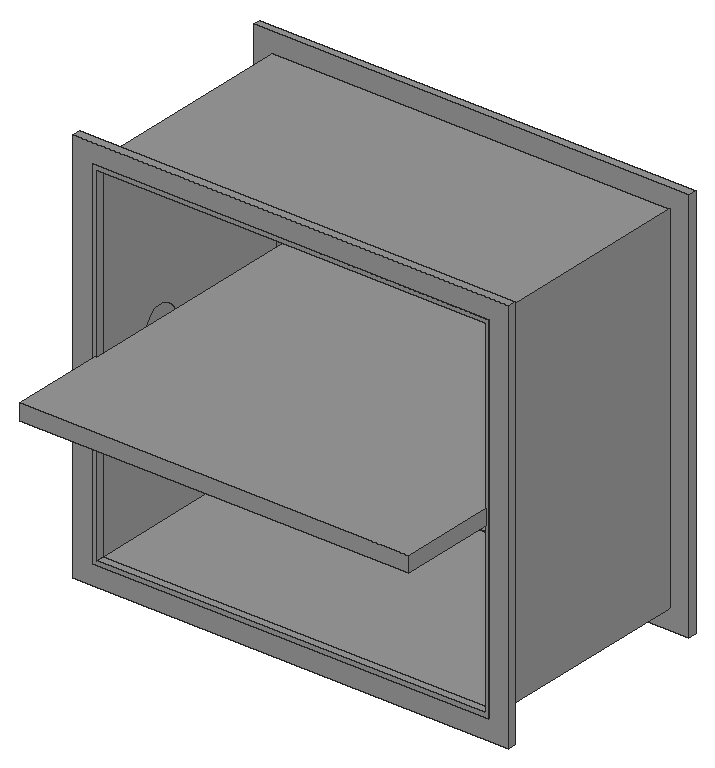
Revit family "Канальный прямоугольный SVK1-НО-ЕI60-MS220 28.08.25", category Арматура воздуховодов, Revit 2022
Family settings
  Размер круглого соединителя = Использовать диаметр
  Тип детали = Вставляется
  На основе рабочей плоскости = Нет
  Всегда вертикально = Нет
  При загрузке вырезать с полостями = Нет
  Общий = Да
Parameters (values of type "SVK1-НО-ЕI60-C-500x450-GO-H-MSR220-0-0")
  Ширина = 500 mm
  Число створок = 1
  Толщина заслонки = 20 mm  # constant formula
  Скорость воздуха в живом сечении = ADSK_Расход воздуха / Площадь живого сечения  # 3.93128 m/s
  Скорость в канале = ADSK_Расход воздуха / Высота / Ширина  # 3.0 m/s
  Площадь живого сечения = 0.1717 m²
  Привод внутри/снаружи [instance] = yes
  Привод 1 = Красный типовой
  Плотность воздуха = 1.2000 kg/m³  # constant formula
  Отметка по умолчанию = 0 mm
  Ось движка = 102.5 mm  # constant formula
  Материал = Сталь AISI 5210 517, горячекатаная
  КМС = 0.480
  З/2 = Высота / 2 / Число створок  # 225 mm
  Длина = 300 mm
  Высота привода = 123 mm  # constant formula
  Высота = 450 mm
  Вылет заслонки [instance] = yes
  Вылет Х = 103 mm  # constant formula
  Hed = Ширина + 123 mm  # 623 mm
  ADSK_Ток = 0.030 A  # constant formula
  ADSK_Расход воздуха = 2430.0 m³/h
  ADSK_Примечание [instance] = ""
  ADSK_Предел огнестойкости = "60"  # constant formula
  ADSK_Потеря давления воздуха = КМС * ((Скорость в канале * Скорость в канале * Плотность воздуха) / 2)  # 2.592 Pa
  ADSK_Полная мощность = ADSK_Напряжение * ADSK_Ток  # 6.6 VA
  ADSK_Позиция на схеме [instance] = ""
  ADSK_Позиция [instance] = ""
  ADSK_Обозначение = "SVK1-НО-ЕI60-C"
  ADSK_Номинальная мощность = 5 W  # constant formula
  ADSK_Номер стояка [instance] = ""
  ADSK_Напряжение = 220 V  # constant formula
  ADSK_Наименование краткое = "SVK1-НО-ЕI60-C-500x450"
  ADSK_Наименование = "SVK1-НО-ЕI60-C-500x450-GO-H-MSR220-0-0"
  ADSK_Материал обозначение = "Противопожарный нормально закрытый канальный клапан прямоугольного сечения"  # constant formula
  ADSK_Материал наименование = ""
  ADSK_Масса_Текст = "1"
  ADSK_Масса = 0
  ADSK_Марка = "SVK1-НО-ЕI60-C"  # constant formula
  ADSK_Коэффициент мощности = 1
  ADSK_Количество фаз числовое = 1  # constant formula
  ADSK_Количество фаз = 1  # constant formula
  ADSK_Количество = 1  # constant formula
  ADSK_Код изделия = "SVK1-НО-ЕI60-C"  # constant formula
  ADSK_Классификация нагрузок = ОВК
  ADSK_Завод-изготовитель = "WAER"  # constant formula
  ADSK_Единица измерения = "шт."  # constant formula
  ADSK_URL страницы изделия = ""
  ADSK_URL документации изделия = ""
Reference planes
  plane 1 "По центру (Вперед/Назад)": y = 0
  plane 2: z = 0
  plane 3 "По центру (Влево/Вправо)": x = 0
  plane 4: x = -250
  plane 5: y = -150
  plane 6: x = 250
  plane 7: y = 150
  plane 8: z = 225
  plane 9: z = -225
  plane 10: x = -280
  plane 11: x = 280
  plane 12: z = 255
  plane 13: z = -255
  plane 14: y = 140
  plane 15: y = -140
  plane 16: x = -255
  plane 17: z = -230
  plane 18: x = 255
  plane 19: z = 230
  plane 20 "Заслонка Х": y = -272.5
  plane 21: y = -47.5
  plane 22 "Заслонка Х1": y = 177.5
  plane 23: x = -343
  plane 24: x = -294
  plane 25: z = 10
  plane 26: z = -10
Forms (mm)
  Extrusion 1, solid, material "Сталь AISI 5210 517, горячекатаная" <- "Материал", detail levels medium+fine
    sketch origin (0, 0, 0) x (1, 0, 0) y (0, 0, 1)
      loop
        line (-250, 225) -> (-250, -225) -> (250, -225) -> (250, 225) -> (-250, 225)
      loop
        line (-255, 230) -> (-255, -230) -> (255, -230) -> (255, 230) -> (-255, 230)
    from -150 to 150
  Extrusion 2, solid, material "Сталь AISI 5210 517, горячекатаная" <- "Материал", detail levels fine
    sketch origin (0, 0, 0) x (1, 0, 0) y (0, 0, 1)
      loop
        line (-280, 255) -> (-280, -255) -> (280, -255) -> (280, 255) -> (-280, 255)
      loop
        line (-250, 225) -> (-250, -225) -> (250, -225) -> (250, 225) -> (-250, 225)
    from 140 to 150
  Extrusion 3, solid, material "Сталь AISI 5210 517, горячекатаная" <- "Материал", detail levels fine
    sketch origin (0, 0, 0) x (1, 0, 0) y (0, 0, 1)
      loop
        line (-280, 255) -> (-280, -255) -> (280, -255) -> (280, 255) -> (-280, 255)
      loop
        line (-250, 225) -> (-250, -225) -> (250, -225) -> (250, 225) -> (-250, 225)
    from -150 to -140
  Extrusion 4, solid, material "Сталь AISI 5210 517, горячекатаная" <- "Материал", visible <- "Вылет заслонки", detail levels medium+fine
    sketch origin (0, 0, 0) x (1, 0, 0) y (0, 0, 1)
      loop
        line (-250, 10) -> (-250, -10) -> (250, -10) -> (250, 10) -> (-250, 10)
    from -177.5 to 272.5
  Extrusion 5, solid, material "Сталь AISI 5210 517, горячекатаная" <- "Материал", visible <- "Привод внутри/снаружи", detail levels medium+fine
    sketch origin (0, 0, 0) x (0, 1, 0) y (0, 0, 1)
      loop
        circle (-47.5, 0) r 25
    from -250 to -294
Dimensions and locks
  equal spacing: plane 4, plane 3 "По центру (Влево/Вправо)", plane 6
  equal spacing: plane 7, plane 1 "По центру (Вперед/Назад)", plane 5
  "Длина": plane 7 to plane 5
  equal spacing: plane 8, level, plane 9
  "Высота": plane 8 to plane 9
  "Ширина": plane 6 to plane 4
  equal spacing: plane 11, plane 3 "По центру (Влево/Вправо)", plane 10
  plane 11 to plane 6 = 30 mm
  equal spacing: plane 12, level, plane 13
  plane 12 to plane 8 = 30 mm
  equal spacing: plane 14, plane 1 "По центру (Вперед/Назад)", plane 15
  plane 15 to plane 5 = 10 mm
  plane 19 to plane 8 = 5 mm
  plane 9 to plane 17 = 5 mm
  plane 4 to plane 16 = 5 mm
  plane 18 to plane 6 = 5 mm
  "Ось движка": plane 21 to plane 5
  equal spacing: plane 22 "Заслонка Х1", plane 21, plane 20 "Заслонка Х"
  "З/2": plane 21 to plane 20 "Заслонка Х"
  "Hed": plane 11 to plane 23
  plane 24 to plane 23 = 49 mm
  equal spacing: plane 25, level, plane 26
  "Толщина заслонки": plane 25 to plane 26
  locked: plane 24 to nested 2
  plane 22 "Заслонка Х1" to plane 7 = 27.5 mm
  plane 5 to plane 20 "Заслонка Х" = 122.5 mm
  aligned and locked: level to plane 2
  aligned and locked: Extrusion 1 sketch curve to plane 8
  aligned and locked: plane 4 to Extrusion 1 sketch curve
  aligned and locked: plane 9 to Extrusion 1 sketch curve
  aligned and locked: Extrusion 1 sketch curve to plane 6
  aligned and locked: plane 7 to Extrusion 1
  aligned and locked: Extrusion 1 to plane 5
  aligned and locked: Extrusion 2 sketch curve to plane 12
  aligned and locked: plane 10 to Extrusion 2 sketch curve
  aligned and locked: plane 13 to Extrusion 2 sketch curve
  aligned and locked: Extrusion 2 sketch curve to plane 11
  aligned and locked: Extrusion 2 to plane 5
  aligned and locked: plane 15 to Extrusion 2
  aligned and locked: Extrusion 3 sketch curve to plane 11
  aligned and locked: plane 13 to Extrusion 3 sketch curve
  aligned and locked: plane 10 to Extrusion 3 sketch curve
  aligned and locked: Extrusion 3 sketch curve to plane 12
  aligned and locked: plane 7 to Extrusion 3
  aligned and locked: Extrusion 3 to plane 14
  aligned and locked: plane 4 to Extrusion 2 sketch curve
  aligned and locked: Extrusion 2 sketch curve to plane 8
  aligned and locked: Extrusion 2 sketch curve to plane 6
  aligned and locked: plane 9 to Extrusion 2 sketch curve
  aligned and locked: plane 19 to Extrusion 1 sketch curve
  aligned and locked: plane 17 to Extrusion 1 sketch curve
  aligned and locked: plane 16 to Extrusion 1 sketch curve
  aligned and locked: Extrusion 1 sketch curve to plane 18
  aligned and locked: Extrusion 3 sketch curve to plane 8
  aligned and locked: plane 4 to Extrusion 3 sketch curve
  aligned and locked: plane 9 to Extrusion 3 sketch curve
  aligned and locked: Extrusion 3 sketch curve to plane 6
  aligned and locked: plane 3 "По центру (Влево/Вправо)" to nested 1
  aligned and locked: plane 1 "По центру (Вперед/Назад)" to nested 1
  aligned and locked: Extrusion 4 to plane 20 "Заслонка Х"
  aligned and locked: plane 22 "Заслонка Х1" to Extrusion 4
  aligned and locked: plane 4 to Extrusion 4 sketch curve
  aligned and locked: Extrusion 4 sketch curve to plane 6
  aligned and locked: Extrusion 4 sketch curve to plane 25
  aligned and locked: plane 26 to Extrusion 4 sketch curve
  aligned and locked: plane 21 to Extrusion 5 sketch curve
  aligned and locked: level to Extrusion 5 sketch curve
  aligned and locked: Extrusion 5 to plane 24
  aligned and locked: plane 4 to Extrusion 5
  aligned and locked: plane 21 to nested 2
Automatic sketch dimensions
  radius of Extrusion 5 sketch curve = 25 mm
Nested families
  nested 1: "УГО Дымовой и противопожарный клапан" at (0, 0, 0), type "УГО Дымовой и противопожарный клапан", detail levels coarse
  nested 2: "Электропривод_верт_90" at (-354, -47.5, 0) x (0, 1, 0) z (0, 0, 1), visible <- "Привод внутри/снаружи", type "MS220", detail levels medium+fine
    with ADSK_Примечание "", ADSK_Позиция ""
Connectors
  hvac at (0, -150, 0), driven by "Высота", driven by "Ширина", driven by "ADSK_Расход воздуха", driven by "ADSK_Потеря давления воздуха"
    settings: on Extrusion 1, index 1, duct flow 2430.0 m³/h, flow factor 0, pres drop 2.592 Pa, loss coef 0, conn angle 0.00°, conn width 500 mm, conn height 450 mm, conn diameter 609.6 mm, duct sys type 29, conn prof type 1, flow config 0, flow direction 0, loss method 4, conn ref index 2, conn util no, is conn primary yes, conn desc ""
  hvac at (0, 150, 0), driven by "Высота", driven by "Ширина", driven by "ADSK_Расход воздуха", driven by "ADSK_Потеря давления воздуха"
    settings: on Extrusion 1, index 2, duct flow 2430.0 m³/h, flow factor 0, pres drop 2.592 Pa, loss coef 0, conn angle 0.00°, conn width 500 mm, conn height 450 mm, conn diameter 609.6 mm, duct sys type 29, conn prof type 1, flow config 0, flow direction 0, loss method 4, conn ref index 1, conn util no, is conn primary no, conn desc ""
  electrical at (-324, 115.058, -24.076)
    settings: on nested 2, index 3, voltage 0 V, apparent load 0 VA, apparent load phase1 0 VA, apparent load phase2 0 VA, apparent load phase3 0 VA, power factor 1, load classification "Прочее", number of poles 1, system type 13, power factor state 1, is connector primary yes, connector utility no, sub classification motor no, connector description ""
Definition of nested family "Электропривод_верт_90"
  Parameters (values of type "BFL230")
    Ширина центра = 50 mm
    Соединение = "1 м, 2 × 0,75 мм2"
    Default Elevation = 0 mm
    Description = "с пружинным возвратом/конденсатором"  # constant formula
    Межосевое подключение = 48 mm
    Корпус_x = none
    Клеммы = none
    Звездочка = Высота + 1 mm  # 49 mm
    Длина корпуса = 160 mm
    ГШ = 80 mm
    Высота = 48 mm
    Выс подкл = Высота - 18 mm  # 30 mm
    ADSK_Ток = 4.000 A
    ADSK_Примечание [instance] = ""
    ADSK_Предел огнестойкости = ""
    ADSK_Полная мощность = 6.5 VA
    ADSK_Позиция [instance] = ""
    ADSK_Обозначение = ""
    ADSK_Номинальная мощность = 3 W
    ADSK_Напряжение = 230 V
    ADSK_Наименование краткое = ""
    ADSK_Наименование = ""
    ADSK_Материал обозначение = ""
    ADSK_Материал наименование = ""
    ADSK_Масса_Текст = "1,1 кг"
    ADSK_Масса = 1.1  # constant formula
    ADSK_Марка = "BFL24"  # constant formula
    ADSK_Коэффициент мощности = 1
    ADSK_Количество фаз числовое = 1
    ADSK_Количество фаз = 1
    ADSK_Количество = 1  # constant formula
    ADSK_Код изделия = "BFL24"  # constant formula
    ADSK_Классификация нагрузок = none
    ADSK_Завод-изготовитель = "BELIMO"  # constant formula
    ADSK_Единица измерения = "шт."  # constant formula
    ADSK_URL страницы изделия = ""
    ADSK_URL документации изделия = ""
  Types (2, lengths in mm): name | ADSK_Ток | ADSK_Полная мощность | ADSK_Номинальная мощность | ADSK_Напряжение
    BFL230 | 4.000 A | 6.5 VA | 3 W | 230 V
    BFL24 | 8.300 A | 4 VA | 2.5 W | 24 V
  Reference planes
    plane 1 "По центру (Вперед/Назад)": y = 0
    plane 2: z = 0
    plane 3 "По центру (Влево/Вправо)": x = 0
    plane 4: x = -22.439
    plane 5: x = 137.561
    plane 6: z = -40.076
    plane 7: z = 39.924
    plane 8: z = -25.076
    plane 9: z = 24.924
    plane 10: x = 112.561
    plane 11: z = -40.076
    plane 12: z = 39.924
    plane 13: x = 142.561
    plane 14: y = -48
    plane 15: x = -24
    plane 16: x = 24
    plane 17: x = 212.561
    plane 18: x = 157.561
    plane 19: x = 177.561
    plane 20: x = 212.561
    plane 21: x = 157.561
    plane 22: x = 177.561
    plane 23: y = -30
  Forms (mm)
    Extrusion 1, solid, material <- "Корпус_x", detail levels medium+fine
      sketch origin (-0.439, -60, -0.076) x (0, 0, 1) y (1, 0, 0)
        loop
          line (-25, -22) -> (25, -22) -> (40, -13.34) -> (40, 113) -> (10, 113) -> (10, 138) -> (-10, 138) -> (-10, 113) -> (-40, 113) -> (-40, -13.34) -> (-25, -22)
      from 0 to 48 <- "Высота"
    Extrusion 2, solid, material <- "Клеммы", detail levels medium+fine
      sketch origin (-0.439, -60, -0.076) x (0, 0, 1) y (1, 0, 0)
        loop
          line (-40, 143) -> (-40, 113) -> (-10, 113) -> (-10, 143) -> (-40, 143)
        loop
          line (10, 143) -> (10, 113) -> (40, 113) -> (40, 143) -> (10, 143)
      from 12 to 48
    Extrusion 3, solid, material <- "Клеммы", detail levels fine
      sketch origin (-0.439, -60, -0.076) x (0, 0, 1) y (1, 0, 0)
        loop
          circle (0, 0) r 20
        loop
          circle (0, 0) r 15
        loop
          line (10.43, -6.022) -> (10.43, 6.022) -> (0, 12.043) -> (-10.43, 6.022) -> (-10.43, -6.022) -> (0, -12.043) -> (10.43, -6.022)
      from 48 <- "Высота" to 49 <- "Звездочка"
    Revolve 4, solid, material <- "Клеммы", detail levels fine
      sketch origin (-1524.439, -30, -101.97) x (0, 0, -1) y (-1, 0, 0)
        loop
          line (-77.895, -1667) -> (-77.895, -1737) -> (-74.82, -1737) -> (-74.82, -1702) -> (-72.813, -1699.633) -> (-72.813, -1697.089) -> (-74.82, -1697.089) -> (-74.82, -1694.582) -> (-72.813, -1694.582) -> (-72.813, -1692.082) -> (-74.82, -1692.082) -> (-74.82, -1689.54) -> (-72.813, -1689.54) -> (-72.813, -1686.997) -> (-74.82, -1686.997) -> (-74.82, -1684.455) -> (-72.813, -1684.455) -> (-72.813, -1682) -> (-70.754, -1669.002)
          arc (-70.754, -1669.002) -> (-69.64, -1667.55) -> (-67.895, -1667) r 3.043
          line (-67.895, -1667) -> (-77.895, -1667)
        axis (-77.895, -1737) -> (-77.895, -1667)
      angle from 0 to 360
    Revolve 5, solid, material <- "Клеммы", detail levels fine
      sketch origin (-1524.439, -30, -101.97) x (0, 0, -1) y (-1, 0, 0)
        loop
          line (-125.895, -1667) -> (-125.895, -1737) -> (-122.82, -1737) -> (-122.82, -1702) -> (-120.813, -1699.633) -> (-120.813, -1697.089) -> (-122.82, -1697.089) -> (-122.82, -1694.582) -> (-120.813, -1694.582) -> (-120.813, -1692.082) -> (-122.82, -1692.082) -> (-122.82, -1689.54) -> (-120.813, -1689.54) -> (-120.813, -1686.997) -> (-122.82, -1686.997) -> (-122.82, -1684.455) -> (-120.813, -1684.455) -> (-120.813, -1682) -> (-118.754, -1669.002)
          arc (-118.754, -1669.002) -> (-117.64, -1667.55) -> (-115.895, -1667) r 3.043
          line (-115.895, -1667) -> (-125.895, -1667)
        axis (-125.895, -1737) -> (-125.895, -1667)
      angle from 0 to 360
  Dimensions and locks
    "Длина корпуса": plane 5 to plane 4
    plane 6 to plane 7 = 80 mm
    "ГШ": plane 6 to plane 7
    plane 8 to plane 9 = 50 mm
    "Ширина центра": plane 8 to plane 9
    plane 5 to plane 10 = 25 mm
    plane 13 to Extrusion 1 = 30 mm
    plane 11 to plane 12 = 80 mm
    "ГШ": plane 11 to plane 12
    Extrusion 1 to plane 14 = 36 mm
    equal spacing: plane 15, plane 3 "По центру (Влево/Вправо)", plane 16
    "Межосевое подключение": plane 15 to plane 16
    plane 17 to Extrusion 2 = 70 mm
    Extrusion 1 to plane 18 = 180 mm
    plane 17 to plane 19 = 35 mm
    plane 20 to plane 22 = 35 mm
    "Выс подкл": plane 1 "По центру (Вперед/Назад)" to plane 23
    angle plane 4 to Extrusion 1 sketch curve = 30.00°
    angle Extrusion 1 sketch curve to plane 4 = 30.00°
    aligned and locked: level to plane 2
    aligned and locked: Extrusion 1 sketch curve to plane 4
    aligned and locked: plane 7 to Extrusion 1 sketch curve  (x2)
    aligned and locked: plane 6 to Extrusion 1 sketch curve  (x2)
    aligned and locked: Extrusion 1 sketch curve to plane 10
    aligned and locked: plane 10 to Extrusion 1 sketch curve  (x3)
    aligned and locked: plane 5 to Extrusion 1 sketch curve  (x2)
    aligned and locked: Extrusion 2 sketch curve to plane 13  (x2)
    aligned and locked: plane 11 to Extrusion 2 sketch curve
    aligned and locked: Extrusion 2 sketch curve to Extrusion 1  (x2)
    aligned and locked: Extrusion 2 sketch curve to plane 12
    aligned and locked: Extrusion 2 to plane 14
    aligned and locked: Extrusion 1 to Extrusion 2
    aligned and locked: Extrusion 2 to Revolve 4 sketch curve
    aligned and locked: Revolve 4 sketch curve to plane 17
    aligned and locked: plane 19 to Revolve 4 sketch curve
    aligned and locked: plane 18 to Revolve 4 sketch curve
    aligned and locked: Revolve 5 sketch curve to plane 20
    aligned and locked: plane 22 to Revolve 5 sketch curve
    aligned and locked: plane 21 to Revolve 5 sketch curve
  Automatic sketch dimensions
    Extrusion 3 sketch curve to Extrusion 3 sketch curve = 0 mm  (x2)
    Extrusion 3 sketch curve to level = 10.505 mm
    Extrusion 3 sketch curve to level = 0.076 mm  (x3)
    level to Extrusion 3 sketch curve = 10.354 mm
    plane 15 to Extrusion 3 sketch curve = 11.518 mm
    Extrusion 3 sketch curve to Extrusion 3 sketch curve = 6.022 mm  (x5)
    Extrusion 3 sketch curve to Extrusion 3 sketch curve = 12.043 mm
    Revolve 4 sketch curve to level = 24.076 mm  (x2)
    Revolve 4 sketch curve to Revolve 4 sketch curve = 3.075 mm
    plane 18 to Revolve 4 sketch curve = 2.455 mm
    Revolve 4 sketch curve to Revolve 4 sketch curve = 0 mm  (x3)
    plane 15 to Revolve 4 sketch curve = 189.101 mm
    Revolve 4 sketch curve to Revolve 4 sketch curve = 2.007 mm  (x4)
    Revolve 4 sketch curve to plane 18 = 12.998 mm
    Revolve 4 sketch curve to Revolve 4 sketch curve = 7.141 mm
    Revolve 4 sketch curve to Revolve 4 sketch curve = 2.859 mm
    Revolve 4 sketch curve to plane 19 = 2.367 mm
    Revolve 4 sketch curve to Revolve 4 sketch curve = 2.544 mm
    Revolve 4 sketch curve to Revolve 4 sketch curve = 2.507 mm
    Revolve 4 sketch curve to Revolve 4 sketch curve = 2.5 mm
    plane 15 to Revolve 4 sketch curve = 186.558 mm
    plane 16 to Revolve 4 sketch curve = 198.683 mm
    Revolve 4 sketch curve to Revolve 4 sketch curve = 41.798 mm
    Revolve 5 sketch curve to plane 21 = 15 mm
    level to Revolve 5 sketch curve = 23.924 mm  (x2)
    Revolve 5 sketch curve to Revolve 5 sketch curve = 3.075 mm
    plane 21 to Revolve 5 sketch curve = 2.455 mm
    Revolve 5 sketch curve to Revolve 5 sketch curve = 0 mm  (x3)
    plane 15 to Revolve 5 sketch curve = 189.101 mm
    Revolve 5 sketch curve to Revolve 5 sketch curve = 2.007 mm  (x4)
    Revolve 5 sketch curve to Revolve 5 sketch curve = 7.141 mm
    Revolve 5 sketch curve to Revolve 5 sketch curve = 2.859 mm
    Revolve 5 sketch curve to plane 22 = 2.367 mm
    Revolve 5 sketch curve to Revolve 5 sketch curve = 2.544 mm
    Revolve 5 sketch curve to Revolve 5 sketch curve = 2.507 mm
    Revolve 5 sketch curve to Revolve 5 sketch curve = 2.5 mm
    plane 15 to Revolve 5 sketch curve = 186.558 mm
    Revolve 5 sketch curve to Revolve 5 sketch curve = 3.043 mm
    plane 16 to Revolve 5 sketch curve = 198.683 mm
    Revolve 5 sketch curve to Revolve 5 sketch curve = 41.798 mm
    Extrusion 1 sketch curve to plane 8 = 0 mm
    Extrusion 1 sketch curve to plane 9 = 0 mm
    Extrusion 1 sketch curve to level = 10.076 mm
    level to Extrusion 1 sketch curve = 9.924 mm
    Extrusion 2 sketch curve to level = 10.076 mm
    level to Extrusion 2 sketch curve = 9.924 mm
    radius of Extrusion 3 sketch curve = 20 mm
    radius of Extrusion 3 sketch curve = 15 mm
Definition of nested family "УГО Дымовой и противопожарный клапан"
  Parameters (values of type "УГО Дымовой и противопожарный клапан")
    Ширина = 1100 mm
    Угол = atan(Высота / Ширина)  # 8.53077°
    Рад = Д / 2  # 20.625 mm
    Отступ2 = Рад / cos(Угол)  # 20.856 mm
    Отступ1 = Рад / sin(Угол)  # 139.038 mm
    Default Elevation = 0 mm
    Д = Высота * 0.25  # 41.25 mm
    Высота = 165 mm
  Reference planes
    plane 1 "По центру (Вперед/Назад)": y = 0
    plane 2: z = 0
    plane 3 "По центру (Влево/Вправо)": x = 0
    plane 4: x = -550
    plane 5: y = -82.5
    plane 6: x = 550
    plane 7: y = 82.5
    plane 8: x = 410.962
    plane 9: x = -410.962
    plane 10: y = 61.644
    plane 11: y = -61.644
  Lines and regions (mm)
    model lines
      curve 1: line (-550, 82.5, 0) -> (550, 82.5, 0)
      curve 2: line (-550, -82.5, 0) -> (-550, 82.5, 0)
      curve 3: line (550, -82.5, 0) -> (-550, -82.5, 0)
      curve 4: line (550, 82.5, 0) -> (550, -82.5, 0)
      curve 5: circle (0, 0, 0) r 20.625 normal (0, 0, 1)
      curve 6: line (-550, 82.5, 0) -> (550, -82.5, 0)
      curve 7: line (410.962, -82.5, 0) -> (-550, 61.644, 0)
      curve 8: line (550, -61.644, 0) -> (-410.962, 82.5, 0)
  Dimensions and locks
    equal spacing: plane 7, plane 1 "По центру (Вперед/Назад)", plane 5
    equal spacing: plane 4, plane 3 "По центру (Влево/Вправо)", plane 6
    "Ширина": plane 4 to plane 6
    "Высота": plane 7 to plane 5
    "Отступ1": plane 8 to plane 6
    "Отступ2": plane 7 to plane 10
    "Отступ2": plane 11 to plane 5
    "Отступ1": plane 4 to plane 9
    "Д": diameter of curve 5
    aligned and locked: level to plane 2
    aligned and locked: curve 1 to plane 7
    aligned and locked: plane 4 to curve 2
    aligned and locked: plane 5 to curve 3
    aligned and locked: curve 4 to plane 6
    aligned and locked: plane 3 "По центру (Влево/Вправо)" to curve 5
    aligned and locked: plane 1 "По центру (Вперед/Назад)" to curve 5
  Automatic sketch dimensions
    curve 8 to plane 9 = 0 mm
    curve 7 to plane 8 = 0 mm
    curve 8 to plane 11 = 0 mm
    curve 7 to plane 10 = 0 mm
Types (140, lengths in mm): name | Ширина | Число створок | Скорость воздуха в живом сечении | Скорость в канале | Площадь живого сечения | КМС | З/2 | Высота | Hed | ADSK_Расход воздуха | ADSK_Потеря давления воздуха | ADSK_Наименование краткое | ADSK_Наименование
  SVK1-НО-ЕI60-C-100x100-GO-H-MSR220-0-0 | 100 | 1 | 15.0 m/s | 3.0 m/s | 0.002 m² | 9.030 | 50 | 100 | 223 | 108.0 m³/h | 48.762 Pa | "SVK1-НО-ЕI60-C-100x100" | "SVK1-НО-ЕI60-C-100x100-GO-H-MSR220-0-0"
  SVK1-НО-ЕI60-C-150x100-GO-H-MSR220-0-0 | 150 | 1 | 15.0 m/s | 3.0 m/s | 0.003 m² | 6.870 | 50 | 100 | 273 | 162.0 m³/h | 37.098 Pa | "SVK1-НО-ЕI60-C-150x100" | "SVK1-НО-ЕI60-C-150x100-GO-H-MSR220-0-0"
  SVK1-НО-ЕI60-C-150x150-GO-H-MSR220-0-0 | 150 | 1 | 6.42857 m/s | 3.0 m/s | 0.0105 m² | 2.680 | 75 | 150 | 273 | 243.0 m³/h | 14.472 Pa | "SVK1-НО-ЕI60-C-150x150" | "SVK1-НО-ЕI60-C-150x150-GO-H-MSR220-0-0"
  SVK1-НО-ЕI60-C-200x100-GO-H-MSR220-0-0 | 200 | 1 | 15.0 m/s | 3.0 m/s | 0.004 m² | 6.120 | 50 | 100 | 323 | 216.0 m³/h | 33.048 Pa | "SVK1-НО-ЕI60-C-200x100" | "SVK1-НО-ЕI60-C-200x100-GO-H-MSR220-0-0"
  SVK1-НО-ЕI60-C-200x150-GO-H-MSR220-0-0 | 200 | 1 | 6.42857 m/s | 3.0 m/s | 0.014 m² | 2.370 | 75 | 150 | 323 | 324.0 m³/h | 12.798 Pa | "SVK1-НО-ЕI60-C-200x150" | "SVK1-НО-ЕI60-C-200x150-GO-H-MSR220-0-0"
  SVK1-НО-ЕI60-C-200x200-GO-H-MSR220-0-0 | 200 | 1 | 6.41711 m/s | 3.0 m/s | 0.0187 m² | 1.580 | 100 | 200 | 323 | 432.0 m³/h | 8.532 Pa | "SVK1-НО-ЕI60-C-200x200" | "SVK1-НО-ЕI60-C-200x200-GO-H-MSR220-0-0"
  SVK1-НО-ЕI60-C-250x100-GO-H-MSR220-0-0 | 250 | 1 | 15.0 m/s | 3.0 m/s | 0.005 m² | 5.660 | 50 | 100 | 373 | 270.0 m³/h | 30.564 Pa | "SVK1-НО-ЕI60-C-250x100" | "SVK1-НО-ЕI60-C-250x100-GO-H-MSR220-0-0"
  SVK1-НО-ЕI60-C-250x150-GO-H-MSR220-0-0 | 250 | 1 | 6.42857 m/s | 3.0 m/s | 0.0175 m² | 2.120 | 75 | 150 | 373 | 405.0 m³/h | 11.448 Pa | "SVK1-НО-ЕI60-C-250x150" | "SVK1-НО-ЕI60-C-250x150-GO-H-MSR220-0-0"
  SVK1-НО-ЕI60-C-250x200-GO-H-MSR220-0-0 | 250 | 1 | 6.07287 m/s | 3.0 m/s | 0.0247 m² | 1.410 | 100 | 200 | 373 | 540.0 m³/h | 7.614 Pa | "SVK1-НО-ЕI60-C-250x200" | "SVK1-НО-ЕI60-C-250x200-GO-H-MSR220-0-0"
  SVK1-НО-ЕI60-C-250x250-GO-H-MSR220-0-0 | 250 | 1 | 5.26685 m/s | 3.0 m/s | 0.0356 m² | 1.470 | 125 | 250 | 373 | 675.0 m³/h | 7.938 Pa | "SVK1-НО-ЕI60-C-250x250" | "SVK1-НО-ЕI60-C-250x250-GO-H-MSR220-0-0"
  SVK1-НО-ЕI60-C-300x100-GO-H-MSR220-0-0 | 300 | 1 | 15.0 m/s | 3.0 m/s | 0.006 m² | 5.290 | 50 | 100 | 423 | 324.0 m³/h | 28.566 Pa | "SVK1-НО-ЕI60-C-300x100" | "SVK1-НО-ЕI60-C-300x100-GO-H-MSR220-0-0"
  SVK1-НО-ЕI60-C-300x150-GO-H-MSR220-0-0 | 300 | 1 | 6.42857 m/s | 3.0 m/s | 0.021 m² | 2.060 | 75 | 150 | 423 | 486.0 m³/h | 11.124 Pa | "SVK1-НО-ЕI60-C-300x150" | "SVK1-НО-ЕI60-C-300x150-GO-H-MSR220-0-0"
  SVK1-НО-ЕI60-C-300x200-GO-H-MSR220-0-0 | 300 | 1 | 5.86319 m/s | 3.0 m/s | 0.0307 m² | 1.170 | 100 | 200 | 423 | 648.0 m³/h | 6.318 Pa | "SVK1-НО-ЕI60-C-300x200" | "SVK1-НО-ЕI60-C-300x200-GO-H-MSR220-0-0"
  SVK1-НО-ЕI60-C-300x250-GO-H-MSR220-0-0 | 300 | 1 | 5.10204 m/s | 3.0 m/s | 0.0441 m² | 1.270 | 125 | 250 | 423 | 810.0 m³/h | 6.858 Pa | "SVK1-НО-ЕI60-C-300x250" | "SVK1-НО-ЕI60-C-300x250-GO-H-MSR220-0-0"
  SVK1-НО-ЕI60-C-300x300-GO-H-MSR220-0-0 | 300 | 1 | 4.69565 m/s | 3.0 m/s | 0.0575 m² | 0.930 | 150 | 300 | 423 | 972.0 m³/h | 5.022 Pa | "SVK1-НО-ЕI60-C-300x300" | "SVK1-НО-ЕI60-C-300x300-GO-H-MSR220-0-0"
  SVK1-НО-ЕI60-C-350x150-GO-H-MSR220-0-0 | 350 | 1 | 6.42857 m/s | 3.0 m/s | 0.0245 m² | 1.850 | 75 | 150 | 473 | 567.0 m³/h | 9.99 Pa | "SVK1-НО-ЕI60-C-350x150" | "SVK1-НО-ЕI60-C-350x150-GO-H-MSR220-0-0"
  SVK1-НО-ЕI60-C-350x200-GO-H-MSR220-0-0 | 350 | 1 | 5.72207 m/s | 3.0 m/s | 0.0367 m² | 1.180 | 100 | 200 | 473 | 756.0 m³/h | 6.372 Pa | "SVK1-НО-ЕI60-C-350x200" | "SVK1-НО-ЕI60-C-350x200-GO-H-MSR220-0-0"
  SVK1-НО-ЕI60-C-350x250-GO-H-MSR220-0-0 | 350 | 1 | 4.99049 m/s | 3.0 m/s | 0.0526 m² | 1.290 | 125 | 250 | 473 | 945.0 m³/h | 6.966 Pa | "SVK1-НО-ЕI60-C-350x250" | "SVK1-НО-ЕI60-C-350x250-GO-H-MSR220-0-0"
  SVK1-НО-ЕI60-C-350x300-GO-H-MSR220-0-0 | 350 | 1 | 4.59854 m/s | 3.0 m/s | 0.0685 m² | 0.870 | 150 | 300 | 473 | 1134.0 m³/h | 4.698 Pa | "SVK1-НО-ЕI60-C-350x300" | "SVK1-НО-ЕI60-C-350x300-GO-H-MSR220-0-0"
  SVK1-НО-ЕI60-C-350x350-GO-H-MSR220-0-0 | 350 | 1 | 4.15724 m/s | 3.0 m/s | 0.0884 m² | 0.790 | 175 | 350 | 473 | 1323.0 m³/h | 4.266 Pa | "SVK1-НО-ЕI60-C-350x350" | "SVK1-НО-ЕI60-C-350x350-GO-H-MSR220-0-0"
  SVK1-НО-ЕI60-C-400x150-GO-H-MSR220-0-0 | 400 | 1 | 6.42857 m/s | 3.0 m/s | 0.028 m² | 1.960 | 75 | 150 | 523 | 648.0 m³/h | 10.584 Pa | "SVK1-НО-ЕI60-C-400x150" | "SVK1-НО-ЕI60-C-400x150-GO-H-MSR220-0-0"
  SVK1-НО-ЕI60-C-400x200-GO-H-MSR220-0-0 | 400 | 1 | 5.62061 m/s | 3.0 m/s | 0.0427 m² | 1.150 | 100 | 200 | 523 | 864.0 m³/h | 6.21 Pa | "SVK1-НО-ЕI60-C-400x200" | "SVK1-НО-ЕI60-C-400x200-GO-H-MSR220-0-0"
  SVK1-НО-ЕI60-C-400x250-GO-H-MSR220-0-0 | 400 | 1 | 4.90998 m/s | 3.0 m/s | 0.0611 m² | 1.090 | 125 | 250 | 523 | 1080.0 m³/h | 5.886 Pa | "SVK1-НО-ЕI60-C-400x250" | "SVK1-НО-ЕI60-C-400x250-GO-H-MSR220-0-0"
  SVK1-НО-ЕI60-C-400x300-GO-H-MSR220-0-0 | 400 | 1 | 4.5283 m/s | 3.0 m/s | 0.0795 m² | 0.880 | 150 | 300 | 523 | 1296.0 m³/h | 4.752 Pa | "SVK1-НО-ЕI60-C-400x300" | "SVK1-НО-ЕI60-C-400x300-GO-H-MSR220-0-0"
  SVK1-НО-ЕI60-C-400x350-GO-H-MSR220-0-0 | 400 | 1 | 4.29009 m/s | 3.0 m/s | 0.0979 m² | 0.800 | 175 | 350 | 523 | 1512.0 m³/h | 4.32 Pa | "SVK1-НО-ЕI60-C-400x350" | "SVK1-НО-ЕI60-C-400x350-GO-H-MSR220-0-0"
  SVK1-НО-ЕI60-C-400x400-GO-H-MSR220-0-0 | 400 | 1 | 4.12726 m/s | 3.0 m/s | 0.1163 m² | 0.680 | 200 | 400 | 523 | 1728.0 m³/h | 3.672 Pa | "SVK1-НО-ЕI60-C-400x400" | "SVK1-НО-ЕI60-C-400x400-GO-H-MSR220-0-0"
  SVK1-НО-ЕI60-C-450x150-GO-H-MSR220-0-0 | 450 | 1 | 6.42857 m/s | 3.0 m/s | 0.0315 m² | 1.790 | 75 | 150 | 573 | 729.0 m³/h | 9.666 Pa | "SVK1-НО-ЕI60-C-450x150" | "SVK1-НО-ЕI60-C-450x150-GO-H-MSR220-0-0"
  SVK1-НО-ЕI60-C-450x200-GO-H-MSR220-0-0 | 450 | 1 | 5.54415 m/s | 3.0 m/s | 0.0487 m² | 1.110 | 100 | 200 | 573 | 972.0 m³/h | 5.994 Pa | "SVK1-НО-ЕI60-C-450x200" | "SVK1-НО-ЕI60-C-450x200-GO-H-MSR220-0-0"
  SVK1-НО-ЕI60-C-450x250-GO-H-MSR220-0-0 | 450 | 1 | 4.84914 m/s | 3.0 m/s | 0.0696 m² | 1.010 | 125 | 250 | 573 | 1215.0 m³/h | 5.454 Pa | "SVK1-НО-ЕI60-C-450x250" | "SVK1-НО-ЕI60-C-450x250-GO-H-MSR220-0-0"
  SVK1-НО-ЕI60-C-450x300-GO-H-MSR220-0-0 | 450 | 1 | 4.47514 m/s | 3.0 m/s | 0.0905 m² | 0.840 | 150 | 300 | 573 | 1458.0 m³/h | 4.536 Pa | "SVK1-НО-ЕI60-C-450x300" | "SVK1-НО-ЕI60-C-450x300-GO-H-MSR220-0-0"
  SVK1-НО-ЕI60-C-450x350-GO-H-MSR220-0-0 | 450 | 1 | 4.24147 m/s | 3.0 m/s | 0.1114 m² | 0.790 | 175 | 350 | 573 | 1701.0 m³/h | 4.266 Pa | "SVK1-НО-ЕI60-C-450x350" | "SVK1-НО-ЕI60-C-450x350-GO-H-MSR220-0-0"
  SVK1-НО-ЕI60-C-450x400-GO-H-MSR220-0-0 | 450 | 1 | 4.08163 m/s | 3.0 m/s | 0.1323 m² | 0.640 | 200 | 400 | 573 | 1944.0 m³/h | 3.456 Pa | "SVK1-НО-ЕI60-C-450x400" | "SVK1-НО-ЕI60-C-450x400-GO-H-MSR220-0-0"
  SVK1-НО-ЕI60-C-450x450-GO-H-MSR220-0-0 | 450 | 1 | 3.9654 m/s | 3.0 m/s | 0.1532 m² | 0.580 | 225 | 450 | 573 | 2187.0 m³/h | 3.132 Pa | "SVK1-НО-ЕI60-C-450x450" | "SVK1-НО-ЕI60-C-450x450-GO-H-MSR220-0-0"
  SVK1-НО-ЕI60-C-500x150-GO-H-MSR220-0-0 | 500 | 1 | 6.42857 m/s | 3.0 m/s | 0.035 m² | 1.740 | 75 | 150 | 623 | 810.0 m³/h | 9.396 Pa | "SVK1-НО-ЕI60-C-500x150" | "SVK1-НО-ЕI60-C-500x150-GO-H-MSR220-0-0"
  SVK1-НО-ЕI60-C-500x200-GO-H-MSR220-0-0 | 500 | 1 | 5.48446 m/s | 3.0 m/s | 0.0547 m² | 1.170 | 100 | 200 | 623 | 1080.0 m³/h | 6.318 Pa | "SVK1-НО-ЕI60-C-500x200" | "SVK1-НО-ЕI60-C-500x200-GO-H-MSR220-0-0"
  SVK1-НО-ЕI60-C-500x250-GO-H-MSR220-0-0 | 500 | 1 | 4.80154 m/s | 3.0 m/s | 0.0781 m² | 1.140 | 125 | 250 | 623 | 1350.0 m³/h | 6.156 Pa | "SVK1-НО-ЕI60-C-500x250" | "SVK1-НО-ЕI60-C-500x250-GO-H-MSR220-0-0"
  SVK1-НО-ЕI60-C-500x300-GO-H-MSR220-0-0 | 500 | 1 | 4.4335 m/s | 3.0 m/s | 0.1015 m² | 0.900 | 150 | 300 | 623 | 1620.0 m³/h | 4.86 Pa | "SVK1-НО-ЕI60-C-500x300" | "SVK1-НО-ЕI60-C-500x300-GO-H-MSR220-0-0"
  SVK1-НО-ЕI60-C-500x350-GO-H-MSR220-0-0 | 500 | 1 | 4.20336 m/s | 3.0 m/s | 0.1249 m² | 0.750 | 175 | 350 | 623 | 1890.0 m³/h | 4.05 Pa | "SVK1-НО-ЕI60-C-500x350" | "SVK1-НО-ЕI60-C-500x350-GO-H-MSR220-0-0"
  SVK1-НО-ЕI60-C-500x400-GO-H-MSR220-0-0 | 500 | 1 | 4.04585 m/s | 3.0 m/s | 0.1483 m² | 0.600 | 200 | 400 | 623 | 2160.0 m³/h | 3.24 Pa | "SVK1-НО-ЕI60-C-500x400" | "SVK1-НО-ЕI60-C-500x400-GO-H-MSR220-0-0"
  SVK1-НО-ЕI60-C-500x450-GO-H-MSR220-0-0 | 500 | 1 | 3.93128 m/s | 3.0 m/s | 0.1717 m² | 0.480 | 225 | 450 | 623 | 2430.0 m³/h | 2.592 Pa | "SVK1-НО-ЕI60-C-500x450" | "SVK1-НО-ЕI60-C-500x450-GO-H-MSR220-0-0"
  SVK1-НО-ЕI60-C-500x500-GO-H-MSR220-0-0 | 500 | 1 | 3.84418 m/s | 3.0 m/s | 0.1951 m² | 0.550 | 250 | 500 | 623 | 2700.0 m³/h | 2.97 Pa | "SVK1-НО-ЕI60-C-500x500" | "SVK1-НО-ЕI60-C-500x500-GO-H-MSR220-0-0"
  SVK1-НО-ЕI60-C-550x200-GO-H-MSR220-0-0 | 550 | 1 | 5.43657 m/s | 3.0 m/s | 0.0607 m² | 1.050 | 100 | 200 | 673 | 1188.0 m³/h | 5.67 Pa | "SVK1-НО-ЕI60-C-550x200" | "SVK1-НО-ЕI60-C-550x200-GO-H-MSR220-0-0"
  SVK1-НО-ЕI60-C-550x250-GO-H-MSR220-0-0 | 550 | 1 | 4.76328 m/s | 3.0 m/s | 0.0866 m² | 1.010 | 125 | 250 | 673 | 1485.0 m³/h | 5.454 Pa | "SVK1-НО-ЕI60-C-550x250" | "SVK1-НО-ЕI60-C-550x250-GO-H-MSR220-0-0"
  SVK1-НО-ЕI60-C-550x300-GO-H-MSR220-0-0 | 550 | 1 | 4.4 m/s | 3.0 m/s | 0.1125 m² | 0.850 | 150 | 300 | 673 | 1782.0 m³/h | 4.59 Pa | "SVK1-НО-ЕI60-C-550x300" | "SVK1-НО-ЕI60-C-550x300-GO-H-MSR220-0-0"
  SVK1-НО-ЕI60-C-550x350-GO-H-MSR220-0-0 | 550 | 1 | 4.17269 m/s | 3.0 m/s | 0.1384 m² | 0.680 | 175 | 350 | 673 | 2079.0 m³/h | 3.672 Pa | "SVK1-НО-ЕI60-C-550x350" | "SVK1-НО-ЕI60-C-550x350-GO-H-MSR220-0-0"
  SVK1-НО-ЕI60-C-550x400-GO-H-MSR220-0-0 | 550 | 1 | 4.01704 m/s | 3.0 m/s | 0.1643 m² | 0.670 | 200 | 400 | 673 | 2376.0 m³/h | 3.618 Pa | "SVK1-НО-ЕI60-C-550x400" | "SVK1-НО-ЕI60-C-550x400-GO-H-MSR220-0-0"
  SVK1-НО-ЕI60-C-550x450-GO-H-MSR220-0-0 | 550 | 1 | 3.90379 m/s | 3.0 m/s | 0.1902 m² | 0.580 | 225 | 450 | 673 | 2673.0 m³/h | 3.132 Pa | "SVK1-НО-ЕI60-C-550x450" | "SVK1-НО-ЕI60-C-550x450-GO-H-MSR220-0-0"
  SVK1-НО-ЕI60-C-550x500-GO-H-MSR220-0-0 | 550 | 1 | 3.81768 m/s | 3.0 m/s | 0.2161 m² | 0.550 | 250 | 500 | 673 | 2970.0 m³/h | 2.97 Pa | "SVK1-НО-ЕI60-C-550x500" | "SVK1-НО-ЕI60-C-550x500-GO-H-MSR220-0-0"
  SVK1-НО-ЕI60-C-550x550-GO-H-MSR220-0-0 | 550 | 1 | 3.75 m/s | 3.0 m/s | 0.242 m² | 0.360 | 275 | 550 | 673 | 3267.0 m³/h | 1.944 Pa | "SVK1-НО-ЕI60-C-550x550" | "SVK1-НО-ЕI60-C-550x550-GO-H-MSR220-0-0"
  SVK1-НО-ЕI60-C-600x200-GO-H-MSR220-0-0 | 600 | 1 | 5.3973 m/s | 3.0 m/s | 0.0667 m² | 1.000 | 100 | 200 | 723 | 1296.0 m³/h | 5.4 Pa | "SVK1-НО-ЕI60-C-600x200-GO-H-MSR220-0-0" | "SVK1-НО-ЕI60-C-600x200-GO-H-MSR220-0-0"
  SVK1-НО-ЕI60-C-600x250-GO-H-MSR220-0-0 | 600 | 1 | 4.73186 m/s | 3.0 m/s | 0.0951 m² | 0.990 | 125 | 250 | 723 | 1620.0 m³/h | 5.346 Pa | "SVK1-НО-ЕI60-C-600x250" | "SVK1-НО-ЕI60-C-600x250-GO-H-MSR220-0-0"
  SVK1-НО-ЕI60-C-600x300-GO-H-MSR220-0-0 | 600 | 1 | 4.37247 m/s | 3.0 m/s | 0.1235 m² | 0.890 | 150 | 300 | 723 | 1944.0 m³/h | 4.806 Pa | "SVK1-НО-ЕI60-C-600x300" | "SVK1-НО-ЕI60-C-600x300-GO-H-MSR220-0-0"
  SVK1-НО-ЕI60-C-600x350-GO-H-MSR220-0-0 | 600 | 1 | 4.14747 m/s | 3.0 m/s | 0.1519 m² | 0.750 | 175 | 350 | 723 | 2268.0 m³/h | 4.05 Pa | "SVK1-НО-ЕI60-C-600x350" | "SVK1-НО-ЕI60-C-600x350-GO-H-MSR220-0-0"
  SVK1-НО-ЕI60-C-600x400-GO-H-MSR220-0-0 | 600 | 1 | 3.99334 m/s | 3.0 m/s | 0.1803 m² | 0.540 | 200 | 400 | 723 | 2592.0 m³/h | 2.916 Pa | "SVK1-НО-ЕI60-C-600x400" | "SVK1-НО-ЕI60-C-600x400-GO-H-MSR220-0-0"
  SVK1-НО-ЕI60-C-600x450-GO-H-MSR220-0-0 | 600 | 1 | 3.88117 m/s | 3.0 m/s | 0.2087 m² | 0.530 | 225 | 450 | 723 | 2916.0 m³/h | 2.862 Pa | "SVK1-НО-ЕI60-C-600x450" | "SVK1-НО-ЕI60-C-600x450-GO-H-MSR220-0-0"
  SVK1-НО-ЕI60-C-600x500-GO-H-MSR220-0-0 | 600 | 1 | 3.79587 m/s | 3.0 m/s | 0.2371 m² | 0.410 | 250 | 500 | 723 | 3240.0 m³/h | 2.214 Pa | "SVK1-НО-ЕI60-C-600x500" | "SVK1-НО-ЕI60-C-600x500-GO-H-MSR220-0-0"
  SVK1-НО-ЕI60-C-600x550-GO-H-MSR220-0-0 | 600 | 1 | 3.72881 m/s | 3.0 m/s | 0.2655 m² | 0.370 | 275 | 550 | 723 | 3564.0 m³/h | 1.998 Pa | "SVK1-НО-ЕI60-C-600x550" | "SVK1-НО-ЕI60-C-600x550-GO-H-MSR220-0-0"
  SVK1-НО-ЕI60-C-600x600-GO-H-MSR220-0-0 | 600 | 1 | 3.67472 m/s | 3.0 m/s | 0.2939 m² | 0.510 | 300 | 600 | 723 | 3888.0 m³/h | 2.754 Pa | "SVK1-НО-ЕI60-C-600x600" | "SVK1-НО-ЕI60-C-600x600-GO-H-MSR220-0-0"
  SVK1-НО-ЕI60-C-650x250-GO-H-MSR220-0-0 | 650 | 1 | 4.7056 m/s | 3.0 m/s | 0.1036 m² | 1.050 | 125 | 250 | 773 | 1755.0 m³/h | 5.67 Pa | "SVK1-НО-ЕI60-C-650x250" | "SVK1-НО-ЕI60-C-650x250-GO-H-MSR220-0-0"
  SVK1-НО-ЕI60-C-650x300-GO-H-MSR220-0-0 | 650 | 1 | 4.34944 m/s | 3.0 m/s | 0.1345 m² | 0.700 | 150 | 300 | 773 | 2106.0 m³/h | 3.78 Pa | "SVK1-НО-ЕI60-C-650x300" | "SVK1-НО-ЕI60-C-650x300-GO-H-MSR220-0-0"
  SVK1-НО-ЕI60-C-650x350-GO-H-MSR220-0-0 | 650 | 1 | 4.12636 m/s | 3.0 m/s | 0.1654 m² | 0.630 | 175 | 350 | 773 | 2457.0 m³/h | 3.402 Pa | "SVK1-НО-ЕI60-C-650x350" | "SVK1-НО-ЕI60-C-650x350-GO-H-MSR220-0-0"
  SVK1-НО-ЕI60-C-650x400-GO-H-MSR220-0-0 | 650 | 1 | 3.97351 m/s | 3.0 m/s | 0.1963 m² | 0.640 | 200 | 400 | 773 | 2808.0 m³/h | 3.456 Pa | "SVK1-НО-ЕI60-C-650x400" | "SVK1-НО-ЕI60-C-650x400-GO-H-MSR220-0-0"
  SVK1-НО-ЕI60-C-650x450-GO-H-MSR220-0-0 | 650 | 1 | 3.86224 m/s | 3.0 m/s | 0.2272 m² | 0.450 | 225 | 450 | 773 | 3159.0 m³/h | 2.43 Pa | "SVK1-НО-ЕI60-C-650x450" | "SVK1-НО-ЕI60-C-650x450-GO-H-MSR220-0-0"
  SVK1-НО-ЕI60-C-650x500-GO-H-MSR220-0-0 | 650 | 1 | 3.77761 m/s | 3.0 m/s | 0.2581 m² | 0.490 | 250 | 500 | 773 | 3510.0 m³/h | 2.646 Pa | "SVK1-НО-ЕI60-C-650x500" | "SVK1-НО-ЕI60-C-650x500-GO-H-MSR220-0-0"
  SVK1-НО-ЕI60-C-650x550-GO-H-MSR220-0-0 | 650 | 1 | 3.71107 m/s | 3.0 m/s | 0.289 m² | 0.450 | 275 | 550 | 773 | 3861.0 m³/h | 2.43 Pa | "SVK1-НО-ЕI60-C-650x550" | "SVK1-НО-ЕI60-C-650x550-GO-H-MSR220-0-0"
  SVK1-НО-ЕI60-C-650x600-GO-H-MSR220-0-0 | 650 | 1 | 3.65739 m/s | 3.0 m/s | 0.3199 m² | 0.360 | 300 | 600 | 773 | 4212.0 m³/h | 1.944 Pa | "SVK1-НО-ЕI60-C-650x600" | "SVK1-НО-ЕI60-C-650x600-GO-H-MSR220-0-0"
  SVK1-НО-ЕI60-C-650x650-GO-H-MSR220-0-0 | 650 | 1 | 3.61317 m/s | 3.0 m/s | 0.3508 m² | 0.400 | 325 | 650 | 773 | 4563.0 m³/h | 2.16 Pa | "SVK1-НО-ЕI60-C-650x650" | "SVK1-НО-ЕI60-C-650x650-GO-H-MSR220-0-0"
  SVK1-НО-ЕI60-C-700x250-GO-H-MSR220-0-0 | 700 | 1 | 4.68332 m/s | 3.0 m/s | 0.1121 m² | 1.030 | 125 | 250 | 823 | 1890.0 m³/h | 5.562 Pa | "SVK1-НО-ЕI60-C-700x250" | "SVK1-НО-ЕI60-C-700x250-GO-H-MSR220-0-0"
  SVK1-НО-ЕI60-C-700x300-GO-H-MSR220-0-0 | 700 | 1 | 4.3299 m/s | 3.0 m/s | 0.1455 m² | 0.830 | 150 | 300 | 823 | 2268.0 m³/h | 4.482 Pa | "SVK1-НО-ЕI60-C-700x300" | "SVK1-НО-ЕI60-C-700x300-GO-H-MSR220-0-0"
  SVK1-НО-ЕI60-C-700x350-GO-H-MSR220-0-0 | 700 | 1 | 4.10844 m/s | 3.0 m/s | 0.1789 m² | 0.570 | 175 | 350 | 823 | 2646.0 m³/h | 3.078 Pa | "SVK1-НО-ЕI60-C-700x350" | "SVK1-НО-ЕI60-C-700x350-GO-H-MSR220-0-0"
  SVK1-НО-ЕI60-C-700x400-GO-H-MSR220-0-0 | 700 | 1 | 3.95667 m/s | 3.0 m/s | 0.2123 m² | 0.590 | 200 | 400 | 823 | 3024.0 m³/h | 3.186 Pa | "SVK1-НО-ЕI60-C-700x400" | "SVK1-НО-ЕI60-C-700x400-GO-H-MSR220-0-0"
  SVK1-НО-ЕI60-C-700x450-GO-H-MSR220-0-0 | 700 | 1 | 3.84615 m/s | 3.0 m/s | 0.2457 m² | 0.540 | 225 | 450 | 823 | 3402.0 m³/h | 2.916 Pa | "SVK1-НО-ЕI60-C-700x450" | "SVK1-НО-ЕI60-C-700x450-GO-H-MSR220-0-0"
  SVK1-НО-ЕI60-C-700x500-GO-H-MSR220-0-0 | 700 | 1 | 3.76209 m/s | 3.0 m/s | 0.2791 m² | 0.450 | 250 | 500 | 823 | 3780.0 m³/h | 2.43 Pa | "SVK1-НО-ЕI60-C-700x500" | "SVK1-НО-ЕI60-C-700x500-GO-H-MSR220-0-0"
  SVK1-НО-ЕI60-C-700x550-GO-H-MSR220-0-0 | 700 | 1 | 3.696 m/s | 3.0 m/s | 0.3125 m² | 0.390 | 275 | 550 | 823 | 4158.0 m³/h | 2.106 Pa | "SVK1-НО-ЕI60-C-700x550" | "SVK1-НО-ЕI60-C-700x550-GO-H-MSR220-0-0"
  SVK1-НО-ЕI60-C-700x600-GO-H-MSR220-0-0 | 700 | 1 | 3.64267 m/s | 3.0 m/s | 0.3459 m² | 0.300 | 300 | 600 | 823 | 4536.0 m³/h | 1.62 Pa | "SVK1-НО-ЕI60-C-700x600" | "SVK1-НО-ЕI60-C-700x600-GO-H-MSR220-0-0"
  SVK1-НО-ЕI60-C-700x650-GO-H-MSR220-0-0 | 700 | 1 | 3.59873 m/s | 3.0 m/s | 0.3793 m² | 0.460 | 325 | 650 | 823 | 4914.0 m³/h | 2.484 Pa | "SVK1-НО-ЕI60-C-700x650" | "SVK1-НО-ЕI60-C-700x650-GO-H-MSR220-0-0"
  SVK1-НО-ЕI60-C-700x700-GO-H-MSR220-0-0 | 700 | 1 | 3.56191 m/s | 3.0 m/s | 0.4127 m² | 0.370 | 350 | 700 | 823 | 5292.0 m³/h | 1.998 Pa | "SVK1-НО-ЕI60-C-700x700" | "SVK1-НО-ЕI60-C-700x700-GO-H-MSR220-0-0"
  SVK1-НО-ЕI60-C-750x250-GO-H-MSR220-0-0 | 750 | 1 | 4.66418 m/s | 3.0 m/s | 0.1206 m² | 0.950 | 125 | 250 | 873 | 2025.0 m³/h | 5.13 Pa | "SVK1-НО-ЕI60-C-750x250" | "SVK1-НО-ЕI60-C-750x250-GO-H-MSR220-0-0"
  SVK1-НО-ЕI60-C-750x300-GO-H-MSR220-0-0 | 750 | 1 | 4.3131 m/s | 3.0 m/s | 0.1565 m² | 0.820 | 150 | 300 | 873 | 2430.0 m³/h | 4.428 Pa | "SVK1-НО-ЕI60-C-750x300" | "SVK1-НО-ЕI60-C-750x300-GO-H-MSR220-0-0"
  SVK1-НО-ЕI60-C-750x350-GO-H-MSR220-0-0 | 750 | 1 | 4.09304 m/s | 3.0 m/s | 0.1924 m² | 0.550 | 175 | 350 | 873 | 2835.0 m³/h | 2.97 Pa | "SVK1-НО-ЕI60-C-750x350" | "SVK1-НО-ЕI60-C-750x350-GO-H-MSR220-0-0"
  SVK1-НО-ЕI60-C-750x400-GO-H-MSR220-0-0 | 750 | 1 | 3.94218 m/s | 3.0 m/s | 0.2283 m² | 0.570 | 200 | 400 | 873 | 3240.0 m³/h | 3.078 Pa | "SVK1-НО-ЕI60-C-750x400" | "SVK1-НО-ЕI60-C-750x400-GO-H-MSR220-0-0"
  SVK1-НО-ЕI60-C-750x450-GO-H-MSR220-0-0 | 750 | 1 | 3.83232 m/s | 3.0 m/s | 0.2642 m² | 0.580 | 225 | 450 | 873 | 3645.0 m³/h | 3.132 Pa | "SVK1-НО-ЕI60-C-750x450" | "SVK1-НО-ЕI60-C-750x450-GO-H-MSR220-0-0"
  SVK1-НО-ЕI60-C-750x500-GO-H-MSR220-0-0 | 750 | 1 | 3.74875 m/s | 3.0 m/s | 0.3001 m² | 0.490 | 250 | 500 | 873 | 4050.0 m³/h | 2.646 Pa | "SVK1-НО-ЕI60-C-750x500" | "SVK1-НО-ЕI60-C-750x500-GO-H-MSR220-0-0"
  SVK1-НО-ЕI60-C-750x550-GO-H-MSR220-0-0 | 750 | 1 | 3.68304 m/s | 3.0 m/s | 0.336 m² | 0.330 | 275 | 550 | 873 | 4455.0 m³/h | 1.782 Pa | "SVK1-НО-ЕI60-C-750x550" | "SVK1-НО-ЕI60-C-750x550-GO-H-MSR220-0-0"
  SVK1-НО-ЕI60-C-750x600-GO-H-MSR220-0-0 | 750 | 1 | 3.63001 m/s | 3.0 m/s | 0.3719 m² | 0.390 | 300 | 600 | 873 | 4860.0 m³/h | 2.106 Pa | "SVK1-НО-ЕI60-C-750x600" | "SVK1-НО-ЕI60-C-750x600-GO-H-MSR220-0-0"
  SVK1-НО-ЕI60-C-750x650-GO-H-MSR220-0-0 | 750 | 1 | 3.58632 m/s | 3.0 m/s | 0.4078 m² | 0.350 | 325 | 650 | 873 | 5265.0 m³/h | 1.89 Pa | "SVK1-НО-ЕI60-C-750x650" | "SVK1-НО-ЕI60-C-750x650-GO-H-MSR220-0-0"
  SVK1-НО-ЕI60-C-750x700-GO-H-MSR220-0-0 | 750 | 1 | 3.5497 m/s | 3.0 m/s | 0.4437 m² | 0.340 | 350 | 700 | 873 | 5670.0 m³/h | 1.836 Pa | "SVK1-НО-ЕI60-C-750x700" | "SVK1-НО-ЕI60-C-750x700-GO-H-MSR220-0-0"
  SVK1-НО-ЕI60-C-750x750-GO-H-MSR220-0-0 | 750 | 1 | 3.51856 m/s | 3.0 m/s | 0.4796 m² | 0.280 | 375 | 750 | 873 | 6075.0 m³/h | 1.512 Pa | "SVK1-НО-ЕI60-C-750x750" | "SVK1-НО-ЕI60-C-750x750-GO-H-MSR220-0-0"
  SVK1-НО-ЕI60-C-800x250-GO-H-MSR220-0-0 | 800 | 1 | 4.64756 m/s | 3.0 m/s | 0.1291 m² | 0.970 | 125 | 250 | 923 | 2160.0 m³/h | 5.238 Pa | "SVK1-НО-ЕI60-C-800x250" | "SVK1-НО-ЕI60-C-800x250-GO-H-MSR220-0-0"
  SVK1-НО-ЕI60-C-800x300-GO-H-MSR220-0-0 | 800 | 1 | 4.29851 m/s | 3.0 m/s | 0.1675 m² | 0.720 | 150 | 300 | 923 | 2592.0 m³/h | 3.888 Pa | "SVK1-НО-ЕI60-C-800x300" | "SVK1-НО-ЕI60-C-800x300-GO-H-MSR220-0-0"
  SVK1-НО-ЕI60-C-800x350-GO-H-MSR220-0-0 | 800 | 1 | 4.07965 m/s | 3.0 m/s | 0.2059 m² | 0.610 | 175 | 350 | 923 | 3024.0 m³/h | 3.294 Pa | "SVK1-НО-ЕI60-C-800x350" | "SVK1-НО-ЕI60-C-800x350-GO-H-MSR220-0-0"
  SVK1-НО-ЕI60-C-800x400-GO-H-MSR220-0-0 | 800 | 1 | 3.92959 m/s | 3.0 m/s | 0.2443 m² | 0.480 | 200 | 400 | 923 | 3456.0 m³/h | 2.592 Pa | "SVK1-НО-ЕI60-C-800x400" | "SVK1-НО-ЕI60-C-800x400-GO-H-MSR220-0-0"
  SVK1-НО-ЕI60-C-800x450-GO-H-MSR220-0-0 | 800 | 1 | 3.8203 m/s | 3.0 m/s | 0.2827 m² | 0.480 | 225 | 450 | 923 | 3888.0 m³/h | 2.592 Pa | "SVK1-НО-ЕI60-C-800x450" | "SVK1-НО-ЕI60-C-800x450-GO-H-MSR220-0-0"
  SVK1-НО-ЕI60-C-800x500-GO-H-MSR220-0-0 | 800 | 1 | 3.73715 m/s | 3.0 m/s | 0.3211 m² | 0.440 | 250 | 500 | 923 | 4320.0 m³/h | 2.376 Pa | "SVK1-НО-ЕI60-C-800x500" | "SVK1-НО-ЕI60-C-800x500-GO-H-MSR220-0-0"
  SVK1-НО-ЕI60-C-800x550-GO-H-MSR220-0-0 | 800 | 1 | 3.67177 m/s | 3.0 m/s | 0.3595 m² | 0.410 | 275 | 550 | 923 | 4752.0 m³/h | 2.214 Pa | "SVK1-НО-ЕI60-C-800x550" | "SVK1-НО-ЕI60-C-800x550-GO-H-MSR220-0-0"
  SVK1-НО-ЕI60-C-800x600-GO-H-MSR220-0-0 | 800 | 1 | 3.619 m/s | 3.0 m/s | 0.3979 m² | 0.400 | 300 | 600 | 923 | 5184.0 m³/h | 2.16 Pa | "SVK1-НО-ЕI60-C-800x600" | "SVK1-НО-ЕI60-C-800x600-GO-H-MSR220-0-0"
  SVK1-НО-ЕI60-C-800x650-GO-H-MSR220-0-0 | 800 | 1 | 3.57552 m/s | 3.0 m/s | 0.4363 m² | 0.300 | 325 | 650 | 923 | 5616.0 m³/h | 1.62 Pa | "SVK1-НО-ЕI60-C-800x650" | "SVK1-НО-ЕI60-C-800x650-GO-H-MSR220-0-0"
  SVK1-НО-ЕI60-C-800x700-GO-H-MSR220-0-0 | 800 | 1 | 3.75444 m/s | 3.0 m/s | 0.44747 m² | 0.370 | 350 | 700 | 923 | 6048.0 m³/h | 1.998 Pa | "SVK1-НО-ЕI60-C-800x700" | "SVK1-НО-ЕI60-C-800x700-GO-H-MSR220-0-0"
  SVK1-НО-ЕI60-C-800x750-GO-H-MSR220-0-0 | 800 | 1 | 3.50809 m/s | 3.0 m/s | 0.5131 m² | 0.350 | 375 | 750 | 923 | 6480.0 m³/h | 1.89 Pa | "SVK1-НО-ЕI60-C-800x750" | "SVK1-НО-ЕI60-C-800x750-GO-H-MSR220-0-0"
  SVK1-НО-ЕI60-C-800x800-GO-H-MSR220-0-0 | 800 | 2 | 3.97598 m/s | 3.0 m/s | 0.4829 m² | 0.250 | 200 | 800 | 923 | 6912.0 m³/h | 1.35 Pa | "SVK1-НО-ЕI60-C-800x800" | "SVK1-НО-ЕI60-C-800x800-GO-H-MSR220-0-0"
  SVK1-НО-ЕI60-C-850x300-GO-H-MSR220-0-0 | 850 | 1 | 4.28571 m/s | 3.0 m/s | 0.1785 m² | 0.830 | 150 | 300 | 973 | 2754.0 m³/h | 4.482 Pa | "SVK1-НО-ЕI60-C-850x300" | "SVK1-НО-ЕI60-C-850x300-GO-H-MSR220-0-0"
  SVK1-НО-ЕI60-C-850x350-GO-H-MSR220-0-0 | 850 | 1 | 4.06791 m/s | 3.0 m/s | 0.2194 m² | 0.560 | 175 | 350 | 973 | 3213.0 m³/h | 3.024 Pa | "SVK1-НО-ЕI60-C-850x350" | "SVK1-НО-ЕI60-C-850x350-GO-H-MSR220-0-0"
  SVK1-НО-ЕI60-C-850x400-GO-H-MSR220-0-0 | 850 | 1 | 3.91856 m/s | 3.0 m/s | 0.2603 m² | 0.460 | 200 | 400 | 973 | 3672.0 m³/h | 2.484 Pa | "SVK1-НО-ЕI60-C-850x400" | "SVK1-НО-ЕI60-C-850x400-GO-H-MSR220-0-0"
  SVK1-НО-ЕI60-C-850x450-GO-H-MSR220-0-0 | 850 | 1 | 3.80976 m/s | 3.0 m/s | 0.3012 m² | 0.480 | 225 | 450 | 973 | 4131.0 m³/h | 2.592 Pa | "SVK1-НО-ЕI60-C-850x450" | "SVK1-НО-ЕI60-C-850x450-GO-H-MSR220-0-0"
  SVK1-НО-ЕI60-C-850x500-GO-H-MSR220-0-0 | 850 | 1 | 3.72698 m/s | 3.0 m/s | 0.3421 m² | 0.380 | 250 | 500 | 973 | 4590.0 m³/h | 2.052 Pa | "SVK1-НО-ЕI60-C-850x500" | "SVK1-НО-ЕI60-C-850x500-GO-H-MSR220-0-0"
  SVK1-НО-ЕI60-C-850x550-GO-H-MSR220-0-0 | 850 | 1 | 3.66188 m/s | 3.0 m/s | 0.383 m² | 0.360 | 275 | 550 | 973 | 5049.0 m³/h | 1.944 Pa | "SVK1-НО-ЕI60-C-850x550" | "SVK1-НО-ЕI60-C-850x550-GO-H-MSR220-0-0"
  SVK1-НО-ЕI60-C-850x600-GO-H-MSR220-0-0 | 850 | 1 | 3.60934 m/s | 3.0 m/s | 0.4239 m² | 0.040 | 300 | 600 | 973 | 5508.0 m³/h | 0.216 Pa | "SVK1-НО-ЕI60-C-850x600" | "SVK1-НО-ЕI60-C-850x600-GO-H-MSR220-0-0"
  SVK1-НО-ЕI60-C-850x650-GO-H-MSR220-0-0 | 850 | 1 | 3.56605 m/s | 3.0 m/s | 0.4648 m² | 0.410 | 325 | 650 | 973 | 5967.0 m³/h | 2.214 Pa | "SVK1-НО-ЕI60-C-850x650" | "SVK1-НО-ЕI60-C-850x650-GO-H-MSR220-0-0"
  SVK1-НО-ЕI60-C-850x700-GO-H-MSR220-0-0 | 850 | 1 | 3.52976 m/s | 3.0 m/s | 0.5057 m² | 0.430 | 350 | 700 | 973 | 6426.0 m³/h | 2.322 Pa | "SVK1-НО-ЕI60-C-850x700" | "SVK1-НО-ЕI60-C-850x700-GO-H-MSR220-0-0"
  SVK1-НО-ЕI60-C-850x750-GO-H-MSR220-0-0 | 850 | 1 | 3.9263 m/s | 3.0 m/s | 0.4871 m² | 0.410 | 375 | 750 | 973 | 6885.0 m³/h | 2.214 Pa | "SVK1-НО-ЕI60-C-850x750" | "SVK1-НО-ЕI60-C-850x750-GO-H-MSR220-0-0"
  SVK1-НО-ЕI60-C-800x850-GO-H-MSR220-0-0 | 800 | 2 | 3.91329 m/s | 3.0 m/s | 0.5213 m² | 0.330 | 212.5 | 850 | 923 | 7344.0 m³/h | 1.782 Pa | "SVK1-НО-ЕI60-C-800x850" | "SVK1-НО-ЕI60-C-800x850-GO-H-MSR220-0-0"
  SVK1-НО-ЕI60-C-850x850-GO-H-MSR220-0-0 | 850 | 2 | 3.90259 m/s | 3.0 m/s | 0.5554 m² | 0.290 | 212.5 | 850 | 973 | 7803.0 m³/h | 1.566 Pa | "SVK1-НО-ЕI60-C-850x850" | "SVK1-НО-ЕI60-C-850x850-GO-H-MSR220-0-0"
  SVK1-НО-ЕI60-C-900x300-GO-H-MSR220-0-0 | 900 | 1 | 4.27441 m/s | 3.0 m/s | 0.1895 m² | 0.670 | 150 | 300 | 1023 | 2916.0 m³/h | 3.618 Pa | "SVK1-НО-ЕI60-C-900x300" | "SVK1-НО-ЕI60-C-900x300-GO-H-MSR220-0-0"
